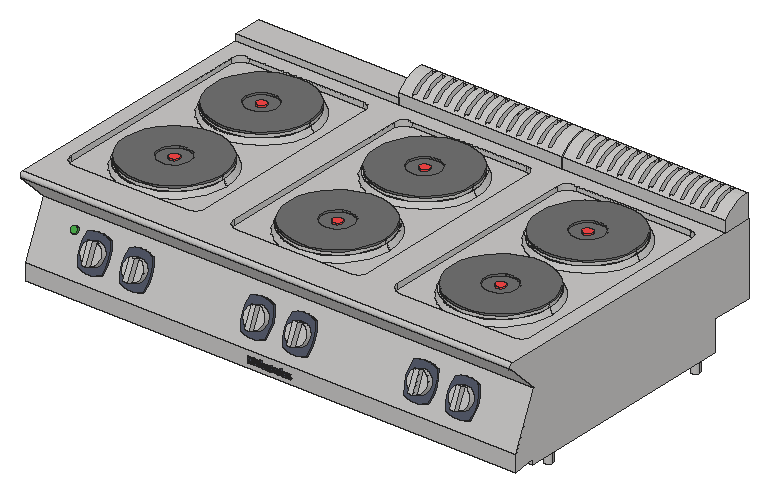
Revit family "QF_ELECTROLUXPROFESSIONAL_371019_E7ECEL6R00", category Specialty Equipment, Revit 2018
Family settings
  Round Connector Dimension = Use Diameter
  Part Type = Normal
  Work Plane-Based = No
  Always vertical = Yes
  Cut with Voids When Loaded = No
  Shared = No
  Room Calculation Point = No
Parameters
  Width = 1200.2 mm  # constant formula
  Weight in Pounds = 132  # constant formula
  Watts = 15600 VA  # 15600 W
  Volts = 400 V  # constant formula
  URL Cutsheet = "www.electrolux.com/foodservice"
  URL = "www.electrolux.com/foodservice"
  Type Mark [instance] = ""
  Status [instance] = ""
  Specification by User [instance] = ""
  Specification by Manufacturer = ""
  Show Logo [instance] = yes
  Show Clearance [instance] = yes
  Serial Number = ""
  Seismic Rating = ""
  SMACNA No = ""
  Revision Code [instance] = ""
  Phase = 3  # constant formula
  Omniclass Number and Title = ""
  Number of Poles [instance] = 1
  NAFEM Spec ID Number = ""
  Model = "371019"
  Min Ckt Ampacity = 0 A
  Max Overcurrent Protection = 0 A
  Masterspec = ""
  Manufacturer = "ELECTROLUX"
  Item Number [instance] = ""
  Installed By [instance] = ""
  Identify Quantity as Lot [instance] = yes
  Height = 331.8 mm  # constant formula
  HP = "20.9 HP"
  Furnished By [instance] = ""
  Foodservice Equipment Identifier [instance] = yes
  FL Amps = if(Phase = 3, Watts / (Volts * 1.73), Watts / Volts)  # 22.5434 A
  Electrical Remarks [instance] = "400 V/3N ph/50/60 Hz"  # constant formula
  Electric Connection Type [instance] = ""
  Elec Conn RI Height [instance] = 0 mm
  Elec Conn Connection Height [instance] = 0 mm
  Direct Waste Size = 0"
  Description = "700XP 6 Hot Plate Electric Boiling Top 2.6KW"
  Depth = 730.25 mm  # constant formula
  Cycle [instance] = if([60 Hertz Option], 60 Hz, 50 Hz)  # 60 Hz
  Conn Plug = ""
  Conn Conduit = yes
  CSI MasterFormat = ""
  CSI Master Format = ""
  Base Height [instance] = 23.813 mm  # constant formula
  Assembly Code = ""
  Apparent Power = if(Phase = 3, Volts * FL Amps * 1.73, Volts * FL Amps)  # 15600 VA
  60 Hertz Option [instance] = not([50 Hertz Option])  # yes
  50 Hertz Option [instance] = no
Reference planes
  plane 1 "BACK": y = 0
  plane 2: z = 0
  plane 3 "LEFT": x = 0
  plane 4 "RIGHT": x = 1200.2
  plane 5 "FRONT": y = -730.25
  plane 6 "TOP": z = 288.925
  plane 7 "Center Y": x = 600.1
  plane 8 "Center X": y = -365.125
  plane 9 "BASE": z = 23.813
  plane 10 "TOP A": z = 274.638
  plane 11: y = -597.884
  plane 12: y = -147.637
  plane 13: z = 331.8
Forms (mm)
  Extrusion 1, solid, material "QF_Finishes_Stainless Steel"
    sketch origin (0, 0, 0) x (0, 1, 0) y (0, 0, 1)
      loop
        line (0, 274.638) -> (-722.844, 274.638)
        arc (-722.844, 274.638) -> (-729.641, 270.096) -> (-728.047, 262.077) r 7.358
        line (-728.047, 262.077) -> (-657.416, 191.447) -> (-713.772, 69.003) -> (-713.772, 30.903) -> (-660.4, 36.513) -> (-660.4, 23.812) -> (-101.6, 23.812) -> (-101.6, 98.425) -> (0, 98.425) -> (0, 274.638)
    from 0 to 1200.2
  Extrusion 2, solid, material "QF_Finishes_Stainless Steel"
    sketch origin (0, 0, 0) x (1, 0, 0) y (0, 1, 0)
      loop
        circle (11.112, -147.638) r 9.525
      loop
        circle (11.112, -597.884) r 9.525
      loop
        circle (1189.087, -147.638) r 9.525
      loop
        circle (1189.087, -597.884) r 9.525
    from 0 to 23.813
  Extrusion 3, solid, material "QF_Finishes_Stainless Steel"
    sketch origin (0, -101.6, 101.6) x (0, 0, -1) y (-1, 0, 0)
      loop
        circle (41.275, -1147.813) r 12.7
    from 0 to 3.175
  Extrusion 4, solid, material "QF_Finishes_Clearance", visible <- "Show Clearance", detail levels coarse
    sketch origin (0, 0, 0) x (1, 0, 0) y (0, 1, 0)
      loop
        line (0, -730.25) -> (0, 0) -> (1200.2, 0) -> (1200.2, -730.25) -> (1350.219, -730.25) -> (1350.219, 150.019) -> (-150.019, 150.019) -> (-150.019, -730.25) -> (0, -730.25)
    from 0 to 331.788
  Extrusion 5, solid, material "QF_Finishes_Navy Blue"
    sketch origin (-390.52, -713.772, 69.003) x (0, 0.418102, 0.9084) y (-1, 0, 0)
      loop
        arc (102.623, -510.47) -> (67.041, -502.846) -> (31.333, -509.853) r 90.5
        arc (31.333, -509.853) -> (24.507, -539.04) -> (31.333, -568.228) r 65.817
        arc (31.333, -568.228) -> (67.04, -575.188) -> (102.623, -567.615) r 91.066
        arc (102.623, -567.615) -> (109.179, -539.043) -> (102.623, -510.47) r 65.546
    from 0 to 3.175
  Extrusion 6, solid, material "QF_Finishes_Stainless Steel"
    sketch origin (-11.77, -717.485, 68.529) x (0, 0.418102, 0.9084) y (-1, 0, 0)
      loop
        circle (68.826, -160.963) r 25.4
    from 0 to 12.7
  Extrusion 7, solid, material "QF_Finishes_Stainless Steel"
    sketch origin (-11.77, -729.022, 73.839) x (0, 0.418102, 0.9084) y (-1, 0, 0)
      loop
        arc (93.558, -166.749) -> (94.226, -160.963) -> (93.558, -155.177) r 25.4
        line (93.558, -155.177) -> (44.094, -155.177)
        arc (44.094, -155.177) -> (43.426, -160.963) -> (44.094, -166.749) r 25.4
        line (44.094, -166.749) -> (93.558, -166.749)
    from 0 to 12.7
  Extrusion 8, solid, material "QF_Finishes_Stainless Steel"
    sketch origin (400.1, 0, 0) x (0, 1, 0) y (0, 0, 1)
      loop
        line (0, 274.638) -> (0, 331.738)
        arc (0, 331.738) -> (-38.857, 324.552) -> (-69.85, 300.038) r 82.056
        line (-69.85, 300.038) -> (-69.85, 274.638) -> (0, 274.638)
    from 0 to 400.05
  Extrusion 9, void
    sketch origin (400.1, 0, 274.638) x (0, -1, 0) y (1, 0, 0)
      loop
        line (6.761, 29.703) -> (63.911, 29.703) -> (63.911, 38.999) -> (6.761, 38.999) -> (6.761, 29.703)
      loop
        line (63.911, 64.487) -> (6.761, 64.487) -> (6.761, 55.191) -> (63.911, 55.191) -> (63.911, 64.487)
      loop
        line (63.911, 89.975) -> (6.761, 89.975) -> (6.761, 80.68) -> (63.911, 80.68) -> (63.911, 89.975)
      loop
        line (63.911, 115.464) -> (6.761, 115.464) -> (6.761, 106.168) -> (63.911, 106.168) -> (63.911, 115.464)
      loop
        line (63.911, 140.952) -> (6.761, 140.952) -> (6.761, 131.656) -> (63.911, 131.656) -> (63.911, 140.952)
      loop
        line (63.911, 166.44) -> (6.761, 166.44) -> (6.761, 157.145) -> (63.911, 157.145) -> (63.911, 166.44)
      loop
        line (63.911, 191.929) -> (6.761, 191.929) -> (6.761, 182.633) -> (63.911, 182.633) -> (63.911, 191.929)
      loop
        line (63.911, 217.417) -> (6.761, 217.417) -> (6.761, 208.121) -> (63.911, 208.121) -> (63.911, 217.417)
      loop
        line (63.911, 242.905) -> (6.761, 242.905) -> (6.761, 233.61) -> (63.911, 233.61) -> (63.911, 242.905)
      loop
        line (63.911, 268.394) -> (6.761, 268.394) -> (6.761, 259.098) -> (63.911, 259.098) -> (63.911, 268.394)
      loop
        line (63.911, 293.882) -> (6.761, 293.882) -> (6.761, 284.586) -> (63.911, 284.586) -> (63.911, 293.882)
      loop
        line (63.911, 319.37) -> (6.761, 319.37) -> (6.761, 310.075) -> (63.911, 310.075) -> (63.911, 319.37)
      loop
        line (63.911, 344.859) -> (6.761, 344.859) -> (6.761, 335.563) -> (63.911, 335.563) -> (63.911, 344.859)
      loop
        line (63.911, 370.347) -> (6.761, 370.347) -> (6.761, 361.051) -> (63.911, 361.051) -> (63.911, 370.347)
    from 25.4 to 63.5
  Extrusion 10, solid, material "QF_Finishes_Stainless Steel"
    sketch origin (800.15, 0, 0) x (0, 1, 0) y (0, 0, 1)
      loop
        line (0, 274.638) -> (0, 331.738)
        arc (0, 331.738) -> (-38.857, 324.552) -> (-69.85, 300.038) r 82.056
        line (-69.85, 300.038) -> (-69.85, 274.638) -> (0, 274.638)
    from 0 to 400.05
  Extrusion 11, void
    sketch origin (0, 0, 274.638) x (1, 0, 0) y (0, -1, 0)
      loop
        line (60.425, 104.885) -> (339.625, 104.885)
        arc (339.625, 104.885) -> (357.586, 112.324) -> (365.025, 130.285) r 25.4
        line (365.025, 130.285) -> (365.025, 619.485)
        arc (365.025, 619.485) -> (357.586, 637.445) -> (339.625, 644.885) r 25.4
        line (339.625, 644.885) -> (60.425, 644.885)
        arc (60.425, 644.885) -> (42.464, 637.445) -> (35.025, 619.485) r 25.4
        line (35.025, 619.485) -> (35.025, 130.285)
        arc (35.025, 130.285) -> (42.464, 112.324) -> (60.425, 104.885) r 25.4
      loop
        arc (739.725, 104.885) -> (757.686, 112.324) -> (765.125, 130.285) r 25.4
        line (765.125, 130.285) -> (765.125, 619.485)
        arc (765.125, 619.485) -> (757.686, 637.445) -> (739.725, 644.885) r 25.4
        line (739.725, 644.885) -> (460.475, 644.885)
        arc (460.475, 644.885) -> (442.514, 637.445) -> (435.075, 619.485) r 25.4
        line (435.075, 619.485) -> (435.075, 130.285)
        arc (435.075, 130.285) -> (442.514, 112.324) -> (460.475, 104.885) r 25.4
        line (460.475, 104.885) -> (739.725, 104.885)
      loop
        arc (1139.775, 104.885) -> (1157.736, 112.324) -> (1165.175, 130.285) r 25.4
        line (1165.175, 130.285) -> (1165.175, 619.485)
        arc (1165.175, 619.485) -> (1157.736, 637.445) -> (1139.775, 644.885) r 25.4
        line (1139.775, 644.885) -> (860.575, 644.885)
        arc (860.575, 644.885) -> (842.614, 637.445) -> (835.175, 619.485) r 25.4
        line (835.175, 619.485) -> (835.175, 130.285)
        arc (835.175, 130.285) -> (842.614, 112.324) -> (860.575, 104.885) r 25.4
        line (860.575, 104.885) -> (1139.775, 104.885)
    from 0 to 12.7
  Extrusion 12, solid, material "QF_Finishes_Stainless Steel"
    sketch origin (90.73, -717.485, 68.529) x (0, 0.418102, 0.9084) y (-1, 0, 0)
      loop
        circle (68.826, -160.963) r 25.4
    from 0 to 12.7
  Extrusion 13, solid, material "QF_Finishes_Stainless Steel"
    sketch origin (90.73, -729.022, 73.839) x (0, 0.418102, 0.9084) y (-1, 0, 0)
      loop
        arc (93.558, -166.749) -> (94.226, -160.963) -> (93.558, -155.177) r 25.4
        line (93.558, -155.177) -> (44.094, -155.177)
        arc (44.094, -155.177) -> (43.426, -160.963) -> (44.094, -166.749) r 25.4
        line (44.094, -166.749) -> (93.558, -166.749)
    from 0 to 12.7
  Extrusion 14, solid, material "QF_Finishes_Green"
    sketch origin (1.25, -711.681, 73.545) x (0, 0.418102, 0.9084) y (-1, 0, 0)
      loop
        circle (91.02, -88.134) r 8
    from 0 to 3.2
  Extrusion 15, void
    sketch origin (800.15, 0, 274.638) x (0, -1, 0) y (1, 0, 0)
      loop
        line (6.761, 29.703) -> (63.911, 29.703) -> (63.911, 38.999) -> (6.761, 38.999) -> (6.761, 29.703)
      loop
        line (63.911, 64.487) -> (6.761, 64.487) -> (6.761, 55.191) -> (63.911, 55.191) -> (63.911, 64.487)
      loop
        line (63.911, 89.975) -> (6.761, 89.975) -> (6.761, 80.68) -> (63.911, 80.68) -> (63.911, 89.975)
      loop
        line (63.911, 115.464) -> (6.761, 115.464) -> (6.761, 106.168) -> (63.911, 106.168) -> (63.911, 115.464)
      loop
        line (63.911, 140.952) -> (6.761, 140.952) -> (6.761, 131.656) -> (63.911, 131.656) -> (63.911, 140.952)
      loop
        line (63.911, 166.44) -> (6.761, 166.44) -> (6.761, 157.145) -> (63.911, 157.145) -> (63.911, 166.44)
      loop
        line (63.911, 191.929) -> (6.761, 191.929) -> (6.761, 182.633) -> (63.911, 182.633) -> (63.911, 191.929)
      loop
        line (63.911, 217.417) -> (6.761, 217.417) -> (6.761, 208.121) -> (63.911, 208.121) -> (63.911, 217.417)
      loop
        line (63.911, 242.905) -> (6.761, 242.905) -> (6.761, 233.61) -> (63.911, 233.61) -> (63.911, 242.905)
      loop
        line (63.911, 268.394) -> (6.761, 268.394) -> (6.761, 259.098) -> (63.911, 259.098) -> (63.911, 268.394)
      loop
        line (63.911, 293.882) -> (6.761, 293.882) -> (6.761, 284.586) -> (63.911, 284.586) -> (63.911, 293.882)
      loop
        line (63.911, 319.37) -> (6.761, 319.37) -> (6.761, 310.075) -> (63.911, 310.075) -> (63.911, 319.37)
      loop
        line (63.911, 344.859) -> (6.761, 344.859) -> (6.761, 335.563) -> (63.911, 335.563) -> (63.911, 344.859)
      loop
        line (63.911, 370.347) -> (6.761, 370.347) -> (6.761, 361.051) -> (63.911, 361.051) -> (63.911, 370.347)
    from 25.4 to 63.5
  Extrusion 16, solid, material "QF_Finishes_Navy Blue"
    sketch origin (-288.02, -713.772, 69.003) x (0, 0.418102, 0.9084) y (-1, 0, 0)
      loop
        arc (102.623, -510.47) -> (67.041, -502.846) -> (31.333, -509.853) r 90.5
        arc (31.333, -509.853) -> (24.507, -539.04) -> (31.333, -568.228) r 65.817
        arc (31.333, -568.228) -> (67.04, -575.188) -> (102.623, -567.615) r 91.066
        arc (102.623, -567.615) -> (109.179, -539.043) -> (102.623, -510.47) r 65.546
    from 0 to 3.175
  Extrusion 17, solid, material "QF_Finishes_Navy Blue"
    sketch origin (9.53, -713.772, 69.003) x (0, 0.418102, 0.9084) y (-1, 0, 0)
      loop
        arc (102.623, -510.47) -> (67.041, -502.846) -> (31.333, -509.853) r 90.5
        arc (31.333, -509.853) -> (24.507, -539.04) -> (31.333, -568.228) r 65.817
        arc (31.333, -568.228) -> (67.04, -575.188) -> (102.623, -567.615) r 91.066
        arc (102.623, -567.615) -> (109.179, -539.043) -> (102.623, -510.47) r 65.546
    from 0 to 3.175
  Extrusion 18, solid, material "QF_Finishes_Stainless Steel"
    sketch origin (388.28, -717.485, 68.529) x (0, 0.418102, 0.9084) y (-1, 0, 0)
      loop
        circle (68.826, -160.963) r 25.4
    from 0 to 12.7
  Extrusion 19, solid, material "QF_Finishes_Stainless Steel"
    sketch origin (388.28, -729.022, 73.839) x (0, 0.418102, 0.9084) y (-1, 0, 0)
      loop
        arc (93.558, -166.749) -> (94.226, -160.963) -> (93.558, -155.177) r 25.4
        line (93.558, -155.177) -> (44.094, -155.177)
        arc (44.094, -155.177) -> (43.426, -160.963) -> (44.094, -166.749) r 25.4
        line (44.094, -166.749) -> (93.558, -166.749)
    from 0 to 12.7
  Extrusion 20, solid, material "QF_Finishes_Stainless Steel"
    sketch origin (490.78, -717.485, 68.529) x (0, 0.418102, 0.9084) y (-1, 0, 0)
      loop
        circle (68.826, -160.963) r 25.4
    from 0 to 12.7
  Extrusion 21, solid, material "QF_Finishes_Stainless Steel"
    sketch origin (490.78, -729.022, 73.839) x (0, 0.418102, 0.9084) y (-1, 0, 0)
      loop
        arc (93.558, -166.749) -> (94.226, -160.963) -> (93.558, -155.177) r 25.4
        line (93.558, -155.177) -> (44.094, -155.177)
        arc (44.094, -155.177) -> (43.426, -160.963) -> (44.094, -166.749) r 25.4
        line (44.094, -166.749) -> (93.558, -166.749)
    from 0 to 12.7
  Extrusion 22, solid, material "QF_Finishes_Navy Blue"
    sketch origin (112.03, -713.772, 69.003) x (0, 0.418102, 0.9084) y (-1, 0, 0)
      loop
        arc (102.623, -510.47) -> (67.041, -502.846) -> (31.333, -509.853) r 90.5
        arc (31.333, -509.853) -> (24.507, -539.04) -> (31.333, -568.228) r 65.817
        arc (31.333, -568.228) -> (67.04, -575.188) -> (102.623, -567.615) r 91.066
        arc (102.623, -567.615) -> (109.179, -539.043) -> (102.623, -510.47) r 65.546
    from 0 to 3.175
  Extrusion 23, solid, material "QF_Finishes_Navy Blue"
    sketch origin (409.63, -713.772, 69.003) x (0, 0.418102, 0.9084) y (-1, 0, 0)
      loop
        arc (102.623, -510.47) -> (67.041, -502.846) -> (31.333, -509.853) r 90.5
        arc (31.333, -509.853) -> (24.507, -539.04) -> (31.333, -568.228) r 65.817
        arc (31.333, -568.228) -> (67.04, -575.188) -> (102.623, -567.615) r 91.066
        arc (102.623, -567.615) -> (109.179, -539.043) -> (102.623, -510.47) r 65.546
    from 0 to 3.175
  Extrusion 24, solid, material "QF_Finishes_Stainless Steel"
    sketch origin (788.38, -717.485, 68.529) x (0, 0.418102, 0.9084) y (-1, 0, 0)
      loop
        circle (68.826, -160.963) r 25.4
    from 0 to 12.7
  Extrusion 25, solid, material "QF_Finishes_Stainless Steel"
    sketch origin (788.38, -729.022, 73.839) x (0, 0.418102, 0.9084) y (-1, 0, 0)
      loop
        arc (93.558, -166.749) -> (94.226, -160.963) -> (93.558, -155.177) r 25.4
        line (93.558, -155.177) -> (44.094, -155.177)
        arc (44.094, -155.177) -> (43.426, -160.963) -> (44.094, -166.749) r 25.4
        line (44.094, -166.749) -> (93.558, -166.749)
    from 0 to 12.7
  Extrusion 26, solid, material "QF_Finishes_Stainless Steel"
    sketch origin (890.88, -717.485, 68.529) x (0, 0.418102, 0.9084) y (-1, 0, 0)
      loop
        circle (68.826, -160.963) r 25.4
    from 0 to 12.7
  Extrusion 27, solid, material "QF_Finishes_Stainless Steel"
    sketch origin (890.88, -729.022, 73.839) x (0, 0.418102, 0.9084) y (-1, 0, 0)
      loop
        arc (93.558, -166.749) -> (94.226, -160.963) -> (93.558, -155.177) r 25.4
        line (93.558, -155.177) -> (44.094, -155.177)
        arc (44.094, -155.177) -> (43.426, -160.963) -> (44.094, -166.749) r 25.4
        line (44.094, -166.749) -> (93.558, -166.749)
    from 0 to 12.7
  Extrusion 28, solid, material "QF_Finishes_Navy Blue"
    sketch origin (512.13, -713.772, 69.003) x (0, 0.418102, 0.9084) y (-1, 0, 0)
      loop
        arc (102.623, -510.47) -> (67.041, -502.846) -> (31.333, -509.853) r 90.5
        arc (31.333, -509.853) -> (24.507, -539.04) -> (31.333, -568.228) r 65.817
        arc (31.333, -568.228) -> (67.04, -575.188) -> (102.623, -567.615) r 91.066
        arc (102.623, -567.615) -> (109.179, -539.043) -> (102.623, -510.47) r 65.546
    from 0 to 3.175
  Extrusion 29, solid, material "QF_Finishes_Navy Blue", visible <- "Show Logo"
    sketch origin (258.399, -713.772, 35.665) x (0, 0, 1) y (-1, 0, 0)
      loop
        line (20.674, -296.698) -> (8.307, -296.698)
        arc (8.307, -296.698) -> (14.491, -301.27) -> (20.674, -296.698) r 6.467
      loop
        arc (20.674, -296.069) -> (19.505, -290.926) -> (14.849, -288.448) r 6.338
        line (14.849, -288.448) -> (14.849, -290.494)
        arc (14.849, -290.494) -> (16.333, -294.149) -> (19.778, -296.069) r 5.941
        line (19.778, -296.069) -> (20.674, -296.069)
      loop
        arc (9.203, -296.069) -> (12.648, -294.149) -> (14.132, -290.494) r 5.941
        line (14.132, -290.494) -> (14.132, -288.448)
        arc (14.132, -288.448) -> (9.438, -290.922) -> (8.148, -296.069) r 6.504
        line (8.148, -296.069) -> (9.203, -296.069)
      loop
        line (21.349, -287.979) -> (7.604, -287.979) -> (7.604, -301.742) -> (21.349, -301.742) -> (21.349, -287.979)
      loop
        arc (21.432, -304.71) -> (21.085, -304.352) -> (20.718, -304.69) r 0.358
        arc (20.718, -304.69) -> (20.404, -305.44) -> (19.687, -305.825) r 1.216
        line (19.687, -305.825) -> (9.274, -305.825)
        arc (9.274, -305.825) -> (8.614, -305.548) -> (8.218, -304.951) r 1.238
        arc (8.218, -304.951) -> (7.823, -304.7) -> (7.518, -305.054) r 0.358
        line (7.518, -305.054) -> (7.518, -314.933) -> (10.269, -314.933) -> (10.269, -314.036)
        arc (10.269, -314.036) -> (9.36, -313.456) -> (8.904, -312.479) r 1.928
        line (8.904, -312.479) -> (8.904, -309.98)
        arc (8.904, -309.98) -> (9.18, -309.251) -> (9.868, -308.887) r 1.101
        line (9.868, -308.887) -> (13.955, -308.887) -> (13.955, -312.561)
        arc (13.955, -312.561) -> (13.602, -313.058) -> (13.037, -313.286) r 1.083
        arc (13.037, -313.286) -> (12.773, -313.591) -> (13.065, -313.869) r 0.292
        line (13.065, -313.869) -> (16.028, -313.869)
        arc (16.028, -313.869) -> (16.33, -313.596) -> (16.092, -313.266) r 0.305
        arc (16.092, -313.266) -> (15.601, -313.018) -> (15.296, -312.561) r 1.083
        line (15.296, -312.561) -> (15.296, -308.887) -> (19.973, -308.887) -> (19.973, -312.635)
        arc (19.973, -312.635) -> (19.759, -313.39) -> (19.153, -313.888) r 1.314
        arc (19.153, -313.888) -> (18.934, -314.292) -> (19.288, -314.585) r 0.361
        line (19.288, -314.585) -> (21.432, -314.585) -> (21.432, -304.71)
      loop
        arc (20.715, -315.365) -> (20.335, -316.284) -> (19.416, -316.664) r 1.299
        line (19.416, -316.664) -> (9.837, -316.664)
        arc (9.837, -316.664) -> (8.999, -316.286) -> (8.728, -315.408) r 1.118
        line (8.728, -315.408) -> (7.518, -315.408) -> (7.518, -320.758) -> (8.706, -320.758)
        arc (8.706, -320.758) -> (8.978, -319.841) -> (9.848, -319.445) r 1.153
        line (9.848, -319.445) -> (21.92, -319.445) -> (20.715, -315.365)
      loop
        line (12.483, -323.394) -> (12.483, -329.842) -> (13.282, -329.842)
        arc (13.282, -329.842) -> (15.862, -328.857) -> (17.131, -326.404) r 3.874
        line (17.131, -326.404) -> (17.131, -324.643)
        arc (17.131, -324.643) -> (15.944, -321.778) -> (13.08, -320.592) r 4.051
        line (13.08, -320.592) -> (11.072, -320.592)
        arc (11.072, -320.592) -> (8.253, -322.077) -> (7.202, -325.084) r 4.352
        arc (7.202, -325.084) -> (7.566, -327.547) -> (8.943, -329.621) r 5.713
        line (8.943, -329.621) -> (9.892, -329.621)
        arc (9.892, -329.621) -> (9.16, -328.052) -> (8.943, -326.334) r 5.579
        arc (8.943, -326.334) -> (9.737, -324.371) -> (11.616, -323.394) r 3.057
        line (11.616, -323.394) -> (12.483, -323.394)
      loop
        line (13.742, -323.394) -> (13.742, -326.977)
        arc (13.742, -326.977) -> (15.199, -327.024) -> (16.082, -325.864) r 1.59
        line (16.082, -325.864) -> (16.082, -325.034)
        arc (16.082, -325.034) -> (15.217, -323.779) -> (13.742, -323.394) r 2.184
      loop
        arc (16.533, -339.259) -> (17.022, -337.585) -> (17.179, -335.848) r 9.023
        line (17.179, -335.848) -> (17.179, -334.486)
        arc (17.179, -334.486) -> (16.02, -331.686) -> (13.22, -330.527) r 3.959
        line (13.22, -330.527) -> (10.62, -330.527)
        arc (10.62, -330.527) -> (8.338, -331.819) -> (7.221, -334.192) r 4.331
        line (7.221, -334.192) -> (7.221, -336.327)
        arc (7.221, -336.327) -> (7.729, -337.877) -> (8.651, -339.223) r 5.772
        arc (8.651, -339.223) -> (9.412, -339.274) -> (9.499, -338.515) r 0.553
        arc (9.499, -338.515) -> (9.111, -337.781) -> (8.977, -336.962) r 2.573
        line (8.977, -336.962) -> (8.977, -335.447)
        arc (8.977, -335.447) -> (9.983, -333.806) -> (11.798, -333.163) r 2.884
        line (11.798, -333.163) -> (13.077, -333.163)
        arc (13.077, -333.163) -> (14.898, -333.723) -> (15.824, -335.388) r 2.554
        line (15.824, -335.388) -> (15.824, -336.441)
        arc (15.824, -336.441) -> (15.493, -337.369) -> (14.836, -338.104) r 2.564
        arc (14.836, -338.104) -> (14.614, -338.821) -> (15.223, -339.259) r 0.643
        line (15.223, -339.259) -> (16.533, -339.259)
      loop
        line (15.515, -339.53) -> (15.515, -341.031) -> (9.467, -341.031)
        arc (9.467, -341.031) -> (7.879, -341.688) -> (7.221, -343.276) r 2.246
        line (7.221, -343.276) -> (7.221, -344.86)
        arc (7.221, -344.86) -> (7.535, -345.725) -> (8.035, -346.496) r 4.06
        arc (8.035, -346.496) -> (8.768, -346.629) -> (9.019, -345.928) r 0.576
        arc (9.019, -345.928) -> (8.913, -345.403) -> (8.977, -344.87) r 1.69
        arc (8.977, -344.87) -> (9.519, -344.082) -> (10.425, -343.779) r 1.506
        line (10.425, -343.779) -> (15.563, -343.779) -> (15.563, -346.176) -> (16.119, -346.733) -> (16.941, -346.733) -> (16.941, -343.873) -> (20.172, -343.873) -> (15.515, -339.53)
      loop
        line (7.438, -347.63) -> (7.438, -353.017) -> (8.548, -353.017)
        arc (8.548, -353.017) -> (8.942, -352.066) -> (9.893, -351.672) r 1.345
        line (9.893, -351.672) -> (13.509, -351.672)
        arc (13.509, -351.672) -> (14.274, -352.264) -> (14.564, -353.186) r 1.615
        line (14.564, -353.186) -> (14.564, -354.742) -> (17.119, -355.427) -> (17.119, -354.044) -> (15.177, -351.485) -> (17.057, -351.485) -> (16.773, -348.779)
        arc (16.773, -348.779) -> (16.333, -348.249) -> (15.674, -348.45) r 0.621
        arc (15.674, -348.45) -> (15.274, -348.792) -> (14.78, -348.975) r 1.501
        line (14.78, -348.975) -> (9.893, -348.975)
        arc (9.893, -348.975) -> (8.942, -348.581) -> (8.548, -347.63) r 1.345
        line (8.548, -347.63) -> (7.438, -347.63)
      loop
        line (13.54, -354.964) -> (10.848, -354.964)
        arc (10.848, -354.964) -> (8.403, -356.272) -> (7.269, -358.803) r 4.288
        arc (7.269, -358.803) -> (7.205, -360.183) -> (7.269, -361.563) r 15.022
        arc (7.269, -361.563) -> (8.403, -364.094) -> (10.848, -365.401) r 4.288
        line (10.848, -365.401) -> (13.54, -365.401)
        arc (13.54, -365.401) -> (15.986, -364.094) -> (17.119, -361.563) r 4.288
        arc (17.119, -361.563) -> (17.183, -360.183) -> (17.119, -358.803) r 15.022
        arc (17.119, -358.803) -> (15.986, -356.272) -> (13.54, -354.964) r 4.288
      loop
        line (13.745, -358.078) -> (10.643, -358.078)
        arc (10.643, -358.078) -> (8.486, -360.235) -> (10.643, -362.392) r 2.157
        line (10.643, -362.392) -> (13.745, -362.392)
        arc (13.745, -362.392) -> (15.902, -360.235) -> (13.745, -358.078) r 2.157
      loop
        arc (20.726, -365.26) -> (20.355, -366.154) -> (19.461, -366.524) r 1.264
        line (19.461, -366.524) -> (9.597, -366.524)
        arc (9.597, -366.524) -> (8.727, -366.127) -> (8.455, -365.211) r 1.153
        line (8.455, -365.211) -> (7.518, -365.211) -> (7.518, -370.319) -> (8.446, -370.319)
        arc (8.446, -370.319) -> (8.805, -369.547) -> (9.597, -369.232) r 1.153
        line (9.597, -369.232) -> (21.92, -369.232) -> (20.726, -365.26)
      loop
        arc (15.846, -369.857) -> (15.647, -370.921) -> (14.678, -371.403) r 1.215
        line (14.678, -371.403) -> (9.658, -371.403)
        arc (9.658, -371.403) -> (8.043, -372.051) -> (7.322, -373.634) r 2.338
        line (7.322, -373.634) -> (7.322, -375.148)
        arc (7.322, -375.148) -> (7.497, -376.152) -> (7.999, -377.038) r 2.979
        line (7.999, -377.038) -> (7.518, -378.835) -> (7.518, -380.524) -> (16.943, -380.524) -> (16.649, -376.32) -> (15.863, -376.32)
        arc (15.863, -376.32) -> (15.507, -377.156) -> (14.755, -377.665) r 1.605
        line (14.755, -377.665) -> (9.652, -377.665)
        arc (9.652, -377.665) -> (9.232, -376.728) -> (9.159, -375.704) r 2.94
        arc (9.159, -375.704) -> (9.72, -374.603) -> (10.873, -374.16) r 1.724
        line (10.873, -374.16) -> (17.07, -374.16) -> (15.846, -369.857)
      loop
        line (16.874, -381.377) -> (15.202, -383.423) -> (12.028, -385.729) -> (8.572, -382.617)
        arc (8.572, -382.617) -> (8.335, -382.223) -> (8.357, -381.764) r 0.789
        line (8.357, -381.764) -> (7.518, -381.764) -> (7.518, -385.309) -> (8.344, -385.309)
        arc (8.344, -385.309) -> (8.686, -384.947) -> (9.176, -385.039) r 0.52
        line (9.176, -385.039) -> (10.976, -386.51) -> (8.858, -387.886)
        arc (8.858, -387.886) -> (8.457, -387.576) -> (8.37, -387.076) r 0.7
        line (8.37, -387.076) -> (7.518, -387.076) -> (7.518, -393.003) -> (8.405, -393.003)
        arc (8.405, -393.003) -> (8.472, -392.344) -> (8.866, -391.813) r 1.247
        line (8.866, -391.813) -> (13.066, -388.532) -> (15.513, -390.585) -> (16.874, -392.327) -> (16.874, -388.604) -> (15.389, -389.026) -> (13.868, -387.749) -> (15.568, -386.559) -> (16.874, -387.336) -> (16.874, -381.377)
    from 0 to 1.644
  Extrusion 30, solid, material "QF_Finishes_Stainless Steel"
    sketch origin (0, 0, 274.638) x (0, -1, 0) y (1, 0, 0)
      loop
        line (69.85, 400.1) -> (0, 400.1) -> (0, 0) -> (69.85, 0) -> (69.85, 400.1)
    from 0 to 14.3
Cuts and joins
  Extrusion 9, Extrusion 15 cuts Extrusion 8
  Extrusion 11 cuts Extrusion 1
  Extrusion 15 cuts Extrusion 4
  Extrusion 15 cuts Extrusion 10
Lines and regions (mm)
  symbolic lines, style "QF-Clearances", visible <- "Show Clearance", detail levels coarse
    curve 1: line (-150.019, 150.019, 274.638) -> (-150.019, -730.25, 274.638)
    curve 2: line (1350.219, 150.019, 274.638) -> (-150.019, 150.019, 274.638)
    curve 3: line (1350.219, -730.25, 274.638) -> (1350.219, 150.019, 274.638)
  symbolic lines
    curve 4: line (0, 0, 274.638) -> (1200.2, 0, 274.638)
    curve 5: line (0, -730.25, 274.638) -> (0, 0, 274.638)
    curve 6: line (1200.2, 0, 274.638) -> (1200.2, -730.25, 274.638)
    curve 7: line (0, -69.85, 274.638) -> (1200.2, -69.85, 274.638)
    curve 8: line (1200.2, -730.25, 274.638) -> (0, -730.25, 274.638)
    curve 9: line (365.025, -130.285, 0) -> (365.025, -619.485, 0)
    curve 10: arc (365.025, -619.485, 0) -> (357.586, -637.445, 0) -> (339.625, -644.885, 0) r 25.4
    curve 11: line (339.625, -644.885, 0) -> (60.425, -644.885, 0)
    curve 12: arc (60.425, -644.885, 0) -> (42.464, -637.445, 0) -> (35.025, -619.485, 0) r 25.4
    curve 13: line (35.025, -619.485, 0) -> (35.025, -130.285, 0)
    curve 14: arc (35.025, -130.285, 0) -> (42.464, -112.324, 0) -> (60.425, -104.885, 0) r 25.4
    curve 15: line (60.425, -104.885, 0) -> (339.625, -104.885, 0)
    curve 16: arc (339.625, -104.885, 0) -> (357.586, -112.324, 0) -> (365.025, -130.285, 0) r 25.4
    curve 17: line (429.803, -6.761, 0) -> (439.099, -6.761, 0)
    curve 18: line (429.803, -63.911, 0) -> (429.803, -6.761, 0)
    curve 19: line (439.099, -63.911, 0) -> (429.803, -63.911, 0)
    curve 20: line (439.099, -6.761, 0) -> (439.099, -63.911, 0)
    curve 21: line (455.291, -6.761, 0) -> (464.587, -6.761, 0)
    curve 22: line (455.291, -63.911, 0) -> (455.291, -6.761, 0)
    curve 23: line (464.587, -63.911, 0) -> (455.291, -63.911, 0)
    curve 24: line (464.587, -6.761, 0) -> (464.587, -63.911, 0)
    curve 25: line (400.1, 0, 0) -> (400.1, -69.85, 0)
    curve 26: line (800.15, 0, 0) -> (800.15, -69.85, 0)
    curve 27: line (480.78, -6.761, 0) -> (490.075, -6.761, 0)
    curve 28: line (480.78, -63.911, 0) -> (480.78, -6.761, 0)
    curve 29: line (490.075, -63.911, 0) -> (480.78, -63.911, 0)
    curve 30: line (490.075, -6.761, 0) -> (490.075, -63.911, 0)
    curve 31: line (506.268, -6.761, 0) -> (515.564, -6.761, 0)
    curve 32: line (506.268, -63.911, 0) -> (506.268, -6.761, 0)
    curve 33: line (515.564, -63.911, 0) -> (506.268, -63.911, 0)
    curve 34: line (515.564, -6.761, 0) -> (515.564, -63.911, 0)
    curve 35: line (531.756, -6.761, 0) -> (541.052, -6.761, 0)
    curve 36: line (531.756, -63.911, 0) -> (531.756, -6.761, 0)
    curve 37: line (541.052, -63.911, 0) -> (531.756, -63.911, 0)
    curve 38: line (541.052, -6.761, 0) -> (541.052, -63.911, 0)
    curve 39: line (557.245, -6.761, 0) -> (566.54, -6.761, 0)
    curve 40: line (557.245, -63.911, 0) -> (557.245, -6.761, 0)
    curve 41: line (566.54, -63.911, 0) -> (557.245, -63.911, 0)
    curve 42: line (566.54, -6.761, 0) -> (566.54, -63.911, 0)
    curve 43: line (582.733, -6.761, 0) -> (592.029, -6.761, 0)
    curve 44: line (582.733, -63.911, 0) -> (582.733, -6.761, 0)
    curve 45: line (592.029, -63.911, 0) -> (582.733, -63.911, 0)
    curve 46: line (592.029, -6.761, 0) -> (592.029, -63.911, 0)
    curve 47: line (608.221, -6.761, 0) -> (617.517, -6.761, 0)
    curve 48: line (608.221, -63.911, 0) -> (608.221, -6.761, 0)
    curve 49: line (617.517, -63.911, 0) -> (608.221, -63.911, 0)
    curve 50: line (617.517, -6.761, 0) -> (617.517, -63.911, 0)
    curve 51: line (633.71, -6.761, 0) -> (643.005, -6.761, 0)
    curve 52: line (633.71, -63.911, 0) -> (633.71, -6.761, 0)
    curve 53: line (643.005, -63.911, 0) -> (633.71, -63.911, 0)
    curve 54: line (643.005, -6.761, 0) -> (643.005, -63.911, 0)
    curve 55: line (659.198, -6.761, 0) -> (668.494, -6.761, 0)
    curve 56: line (659.198, -63.911, 0) -> (659.198, -6.761, 0)
    curve 57: line (668.494, -63.911, 0) -> (659.198, -63.911, 0)
    curve 58: line (668.494, -6.761, 0) -> (668.494, -63.911, 0)
    curve 59: line (684.686, -6.761, 0) -> (693.982, -6.761, 0)
    curve 60: line (684.686, -63.911, 0) -> (684.686, -6.761, 0)
    curve 61: line (693.982, -63.911, 0) -> (684.686, -63.911, 0)
    curve 62: line (693.982, -6.761, 0) -> (693.982, -63.911, 0)
    curve 63: line (710.175, -6.761, 0) -> (719.47, -6.761, 0)
    curve 64: line (710.175, -63.911, 0) -> (710.175, -6.761, 0)
    curve 65: line (719.47, -63.911, 0) -> (710.175, -63.911, 0)
    curve 66: line (719.47, -6.761, 0) -> (719.47, -63.911, 0)
    curve 67: line (735.663, -6.761, 0) -> (744.959, -6.761, 0)
    curve 68: line (735.663, -63.911, 0) -> (735.663, -6.761, 0)
    curve 69: line (744.959, -63.911, 0) -> (735.663, -63.911, 0)
    curve 70: line (744.959, -6.761, 0) -> (744.959, -63.911, 0)
    curve 71: line (761.151, -6.761, 0) -> (770.447, -6.761, 0)
    curve 72: line (761.151, -63.911, 0) -> (761.151, -6.761, 0)
    curve 73: line (770.447, -63.911, 0) -> (761.151, -63.911, 0)
    curve 74: line (770.447, -6.761, 0) -> (770.447, -63.911, 0)
    curve 75: line (829.853, -6.761, 0) -> (839.149, -6.761, 0)
    curve 76: line (829.853, -63.911, 0) -> (829.853, -6.761, 0)
    curve 77: line (839.149, -63.911, 0) -> (829.853, -63.911, 0)
    curve 78: line (839.149, -6.761, 0) -> (839.149, -63.911, 0)
    curve 79: line (855.341, -6.761, 0) -> (864.637, -6.761, 0)
    curve 80: line (855.341, -63.911, 0) -> (855.341, -6.761, 0)
    curve 81: line (864.637, -63.911, 0) -> (855.341, -63.911, 0)
    curve 82: line (864.637, -6.761, 0) -> (864.637, -63.911, 0)
    curve 83: line (880.83, -6.761, 0) -> (890.125, -6.761, 0)
    curve 84: line (880.83, -63.911, 0) -> (880.83, -6.761, 0)
    curve 85: line (890.125, -63.911, 0) -> (880.83, -63.911, 0)
    curve 86: line (890.125, -6.761, 0) -> (890.125, -63.911, 0)
    curve 87: line (906.318, -6.761, 0) -> (915.614, -6.761, 0)
    curve 88: line (906.318, -63.911, 0) -> (906.318, -6.761, 0)
    curve 89: line (915.614, -63.911, 0) -> (906.318, -63.911, 0)
    curve 90: line (915.614, -6.761, 0) -> (915.614, -63.911, 0)
    curve 91: line (931.806, -6.761, 0) -> (941.102, -6.761, 0)
    curve 92: line (931.806, -63.911, 0) -> (931.806, -6.761, 0)
    curve 93: line (941.102, -63.911, 0) -> (931.806, -63.911, 0)
    curve 94: line (941.102, -6.761, 0) -> (941.102, -63.911, 0)
    curve 95: line (957.295, -6.761, 0) -> (966.59, -6.761, 0)
    curve 96: line (957.295, -63.911, 0) -> (957.295, -6.761, 0)
    curve 97: line (966.59, -63.911, 0) -> (957.295, -63.911, 0)
    curve 98: line (966.59, -6.761, 0) -> (966.59, -63.911, 0)
    curve 99: line (982.783, -6.761, 0) -> (992.079, -6.761, 0)
    curve 100: line (982.783, -63.911, 0) -> (982.783, -6.761, 0)
    curve 101: line (992.079, -63.911, 0) -> (982.783, -63.911, 0)
    curve 102: line (992.079, -6.761, 0) -> (992.079, -63.911, 0)
    curve 103: line (1008.271, -6.761, 0) -> (1017.567, -6.761, 0)
    curve 104: line (1008.271, -63.911, 0) -> (1008.271, -6.761, 0)
    curve 105: line (1017.567, -63.911, 0) -> (1008.271, -63.911, 0)
    curve 106: line (1017.567, -6.761, 0) -> (1017.567, -63.911, 0)
    curve 107: line (1033.76, -6.761, 0) -> (1043.055, -6.761, 0)
    curve 108: line (1033.76, -63.911, 0) -> (1033.76, -6.761, 0)
    curve 109: line (1043.055, -63.911, 0) -> (1033.76, -63.911, 0)
    curve 110: line (1043.055, -6.761, 0) -> (1043.055, -63.911, 0)
    curve 111: line (1059.248, -6.761, 0) -> (1068.544, -6.761, 0)
    curve 112: line (1059.248, -63.911, 0) -> (1059.248, -6.761, 0)
    curve 113: line (1068.544, -63.911, 0) -> (1059.248, -63.911, 0)
    curve 114: line (1068.544, -6.761, 0) -> (1068.544, -63.911, 0)
    curve 115: line (1084.736, -6.761, 0) -> (1094.032, -6.761, 0)
    curve 116: line (1084.736, -63.911, 0) -> (1084.736, -6.761, 0)
    curve 117: line (1094.032, -63.911, 0) -> (1084.736, -63.911, 0)
    curve 118: line (1094.032, -6.761, 0) -> (1094.032, -63.911, 0)
    curve 119: line (1110.225, -6.761, 0) -> (1119.52, -6.761, 0)
    curve 120: line (1110.225, -63.911, 0) -> (1110.225, -6.761, 0)
    curve 121: line (1119.52, -63.911, 0) -> (1110.225, -63.911, 0)
    curve 122: line (1119.52, -6.761, 0) -> (1119.52, -63.911, 0)
    curve 123: line (1135.713, -6.761, 0) -> (1145.009, -6.761, 0)
    curve 124: line (1135.713, -63.911, 0) -> (1135.713, -6.761, 0)
    curve 125: line (1145.009, -63.911, 0) -> (1135.713, -63.911, 0)
    curve 126: line (1145.009, -6.761, 0) -> (1145.009, -63.911, 0)
    curve 127: line (1161.201, -6.761, 0) -> (1170.497, -6.761, 0)
    curve 128: line (1161.201, -63.911, 0) -> (1161.201, -6.761, 0)
    curve 129: line (1170.497, -63.911, 0) -> (1161.201, -63.911, 0)
    curve 130: line (1170.497, -6.761, 0) -> (1170.497, -63.911, 0)
    curve 131: line (765.1, -130.285, 0) -> (765.1, -619.485, 0)
    curve 132: arc (765.1, -619.485, 0) -> (757.661, -637.445, 0) -> (739.7, -644.885, 0) r 25.4
    curve 133: line (739.7, -644.885, 0) -> (460.5, -644.885, 0)
    curve 134: arc (460.5, -644.885, 0) -> (442.539, -637.445, 0) -> (435.1, -619.485, 0) r 25.4
    curve 135: line (435.1, -619.485, 0) -> (435.1, -130.285, 0)
    curve 136: arc (435.1, -130.285, 0) -> (442.539, -112.324, 0) -> (460.5, -104.885, 0) r 25.4
    curve 137: line (460.5, -104.885, 0) -> (739.7, -104.885, 0)
    curve 138: arc (739.7, -104.885, 0) -> (757.661, -112.324, 0) -> (765.1, -130.285, 0) r 25.4
    curve 139: line (1165.175, -130.285, 0) -> (1165.175, -619.485, 0)
    curve 140: arc (1165.175, -619.485, 0) -> (1157.736, -637.445, 0) -> (1139.775, -644.885, 0) r 25.4
    curve 141: line (1139.775, -644.885, 0) -> (860.575, -644.885, 0)
    curve 142: arc (860.575, -644.885, 0) -> (842.614, -637.445, 0) -> (835.175, -619.485, 0) r 25.4
    curve 143: line (835.175, -619.485, 0) -> (835.175, -130.285, 0)
    curve 144: arc (835.175, -130.285, 0) -> (842.614, -112.324, 0) -> (860.575, -104.885, 0) r 25.4
    curve 145: line (860.575, -104.885, 0) -> (1139.775, -104.885, 0)
    curve 146: arc (1139.775, -104.885, 0) -> (1157.736, -112.324, 0) -> (1165.175, -130.285, 0) r 25.4
Dimensions and locks
  equal spacing: plane 3 "LEFT", plane 7 "Center Y", plane 4 "RIGHT"
  "Width": plane 3 "LEFT" to plane 4 "RIGHT"
  equal spacing: plane 5 "FRONT", plane 8 "Center X", plane 1 "BACK"
  "Depth": plane 5 "FRONT" to plane 1 "BACK"
  plane 1 "BACK" to plane 5 "FRONT" = 730.25 mm
  "Base Height": plane 9 "BASE" to level
  locked: plane 10 "TOP A" to plane 9 "BASE" at 250.825
  plane 4 "RIGHT" to Extrusion 3 sketch curve = 52.388 mm
  plane 10 "TOP A" to plane 9 "BASE" = 250.825 mm
  plane 9 "BASE" to level = 23.813 mm
  "Height": plane 13 to level
  Extrusion 3 sketch curve to plane 9 "BASE" = 36.513 mm
  aligned and locked: level to plane 2
  aligned and locked: plane 4 "RIGHT" to Extrusion 1
  aligned and locked: Extrusion 2 to plane 9 "BASE"
  aligned: plane 6 "TOP" to Extrusion 4
Automatic sketch dimensions
  plane 1 "BACK" to curve 25 = 0 mm
  plane 1 "BACK" to curve 26 = 0 mm
  plane 3 "LEFT" to curve 13 = 35.025 mm
  curve 14 to plane 12 = 17.353 mm
  curve 13 to curve 14 = 25.4 mm
  curve 12 to curve 11 = 25.4 mm
  plane 11 to curve 11 = 47 mm
  curve 11 to plane 7 "Center Y" = 260.475 mm
  curve 16 to plane 12 = 17.353 mm
  curve 16 to plane 7 "Center Y" = 260.475 mm
  curve 16 to curve 25 = 60.475 mm
  plane 1 "BACK" to curve 18 = 6.761 mm
  curve 25 to curve 18 = 29.703 mm
  plane 11 to curve 135 = 21.6 mm
  curve 9 to curve 135 = 70.075 mm
  curve 18 to curve 20 = 9.296 mm
  plane 1 "BACK" to curve 21 = 6.761 mm
  curve 17 to curve 21 = 16.193 mm
  curve 135 to curve 134 = 25.4 mm
  curve 135 to curve 136 = 25.4 mm
  curve 22 to curve 23 = 9.296 mm
  plane 1 "BACK" to curve 28 = 6.761 mm
  curve 21 to curve 28 = 16.193 mm
  curve 28 to curve 30 = 9.296 mm
  curve 29 to curve 32 = 16.193 mm
  curve 32 to curve 33 = 9.296 mm
  plane 1 "BACK" to curve 35 = 6.761 mm
  curve 31 to curve 35 = 16.193 mm
  curve 36 to curve 38 = 9.296 mm
  curve 37 to curve 40 = 16.193 mm
  curve 40 to curve 42 = 9.296 mm
  plane 1 "BACK" to curve 43 = 6.761 mm
  curve 39 to curve 43 = 16.193 mm
  curve 45 to plane 7 "Center Y" = 8.071 mm
  plane 7 "Center Y" to curve 48 = 8.121 mm
  curve 48 to curve 49 = 9.296 mm
  plane 1 "BACK" to curve 52 = 6.761 mm
  curve 47 to curve 52 = 16.193 mm
  curve 52 to curve 54 = 9.296 mm
  curve 53 to curve 56 = 16.193 mm
  curve 56 to curve 57 = 9.296 mm
  curve 57 to curve 61 = 16.193 mm
  curve 60 to curve 61 = 9.296 mm
  plane 1 "BACK" to curve 64 = 6.761 mm
  curve 59 to curve 64 = 16.193 mm
  curve 64 to curve 65 = 9.296 mm
  curve 65 to curve 68 = 16.193 mm
  plane 11 to curve 132 = 21.6 mm
  plane 7 "Center Y" to curve 132 = 139.6 mm
  curve 138 to curve 138 = 25.4 mm
  curve 67 to curve 67 = 9.296 mm
  plane 1 "BACK" to curve 72 = 6.761 mm
  curve 67 to curve 72 = 16.193 mm
  curve 71 to curve 74 = 9.296 mm
  curve 73 to curve 26 = 29.703 mm
  plane 1 "BACK" to curve 75 = 6.761 mm
  curve 26 to curve 75 = 29.703 mm
  plane 11 to curve 143 = 21.6 mm
  curve 131 to curve 143 = 70.075 mm
  curve 76 to curve 78 = 9.296 mm
  plane 1 "BACK" to curve 80 = 6.761 mm
  curve 75 to curve 80 = 16.193 mm
  curve 143 to curve 145 = 25.4 mm
  curve 142 to curve 141 = 25.4 mm
  curve 80 to curve 82 = 9.296 mm
  plane 1 "BACK" to curve 84 = 6.761 mm
  curve 79 to curve 84 = 16.193 mm
  curve 84 to curve 85 = 9.296 mm
  plane 1 "BACK" to curve 88 = 6.761 mm
  curve 83 to curve 88 = 16.193 mm
  curve 87 to curve 90 = 9.296 mm
  curve 89 to curve 93 = 16.193 mm
  curve 91 to curve 91 = 9.296 mm
  curve 93 to curve 97 = 16.193 mm
  curve 96 to curve 98 = 9.296 mm
  plane 1 "BACK" to curve 100 = 6.761 mm
  curve 95 to curve 100 = 16.193 mm
  curve 100 to curve 102 = 9.296 mm
  plane 1 "BACK" to curve 103 = 6.761 mm
  curve 99 to curve 103 = 16.193 mm
  curve 103 to curve 106 = 9.296 mm
  curve 105 to curve 108 = 16.193 mm
  curve 107 to curve 107 = 9.296 mm
  plane 1 "BACK" to curve 111 = 6.761 mm
  curve 107 to curve 111 = 16.193 mm
  curve 112 to curve 113 = 9.296 mm
  plane 1 "BACK" to curve 116 = 6.761 mm
  curve 111 to curve 116 = 16.193 mm
  curve 116 to curve 117 = 9.296 mm
  curve 117 to curve 121 = 16.193 mm
  curve 120 to curve 121 = 9.296 mm
  curve 121 to curve 125 = 16.193 mm
  curve 146 to plane 12 = 17.353 mm
  curve 146 to plane 4 "RIGHT" = 60.425 mm
  curve 141 to plane 4 "RIGHT" = 60.425 mm
  curve 123 to curve 123 = 9.296 mm
  plane 1 "BACK" to curve 128 = 6.761 mm
  curve 123 to curve 128 = 16.193 mm
  curve 146 to curve 139 = 25.4 mm
  curve 128 to curve 129 = 9.296 mm
  curve 138 to plane 12 = 17.353 mm
  curve 26 to curve 75 = 63.089 mm
  curve 25 to curve 17 = 63.089 mm
  curve 32 to curve 27 = 57.15 mm
  curve 33 to curve 38 = 0 mm
  curve 25 to curve 18 = 5.939 mm
  curve 37 to curve 40 = 0 mm
  curve 41 to curve 44 = 0 mm
  curve 19 to curve 23 = 0 mm
  curve 45 to curve 48 = 0 mm
  curve 49 to curve 52 = 0 mm
  curve 23 to curve 28 = 0 mm
  curve 146 to curve 130 = 40.974 mm
  curve 53 to curve 56 = 0 mm
  curve 126 to curve 128 = 0 mm
  curve 57 to curve 60 = 0 mm
  curve 122 to curve 124 = 0 mm
  curve 61 to curve 64 = 0 mm
  curve 118 to curve 120 = 0 mm
  curve 65 to curve 68 = 0 mm
  curve 114 to curve 116 = 0 mm
  curve 69 to curve 72 = 0 mm
  curve 110 to curve 112 = 0 mm
  curve 26 to curve 76 = 5.939 mm
  curve 77 to curve 80 = 0 mm
  curve 106 to curve 108 = 0 mm
  curve 81 to curve 84 = 0 mm
  curve 102 to curve 104 = 0 mm
  curve 85 to curve 88 = 0 mm
  curve 98 to curve 100 = 0 mm
  curve 89 to curve 92 = 0 mm
  plane 1 "BACK" to curve 94 = 6.761 mm
  plane 1 "BACK" to curve 95 = 6.761 mm
  plane 1 "BACK" to curve 107 = 6.761 mm
  plane 1 "BACK" to curve 70 = 6.761 mm
  plane 1 "BACK" to curve 119 = 6.761 mm
  plane 1 "BACK" to curve 123 = 6.761 mm
  plane 1 "BACK" to curve 62 = 6.761 mm
  plane 1 "BACK" to curve 58 = 6.761 mm
  plane 1 "BACK" to curve 50 = 6.761 mm
  plane 1 "BACK" to curve 34 = 6.761 mm
  plane 1 "BACK" to curve 42 = 6.761 mm
  Extrusion 1 sketch curve to plane 10 "TOP A" = 0 mm
  Extrusion 1 sketch curve to plane 9 "BASE" = 0 mm
  Extrusion 1 sketch curve to plane 1 "BACK" = 0 mm
  Extrusion 1 sketch curve to plane 12 = 46.038 mm
  plane 11 to Extrusion 1 sketch curve = 59.531 mm
  plane 9 "BASE" to Extrusion 1 sketch curve = 12.7 mm
  plane 11 to Extrusion 1 sketch curve = 62.516 mm
  Extrusion 1 sketch curve to plane 5 "FRONT" = 16.478 mm
  Extrusion 1 sketch curve to plane 5 "FRONT" = 7.406 mm
  Extrusion 1 sketch curve to plane 5 "FRONT" = 2.203 mm
  plane 9 "BASE" to Extrusion 1 sketch curve = 7.09 mm
  Extrusion 1 sketch curve to Extrusion 1 sketch curve = 38.1 mm
  plane 9 "BASE" to Extrusion 1 sketch curve = 74.612 mm
  Extrusion 1 sketch curve to plane 10 "TOP A" = 83.191 mm
  Extrusion 1 sketch curve to plane 10 "TOP A" = 12.56 mm
  plane 11 to Extrusion 2 sketch curve = 0 mm  (x2)
  plane 12 to Extrusion 2 sketch curve = 0 mm  (x2)
  plane 3 "LEFT" to Extrusion 2 sketch curve = 11.112 mm  (x2)
  Extrusion 2 sketch curve to plane 4 "RIGHT" = 11.113 mm  (x2)
  plane 5 "FRONT" to Extrusion 4 sketch curve = 0 mm  (x2)
  plane 1 "BACK" to Extrusion 4 sketch curve = 0 mm
  Extrusion 4 sketch curve to plane 3 "LEFT" = 0 mm
  Extrusion 4 sketch curve to plane 4 "RIGHT" = 0 mm
  Extrusion 4 sketch curve to plane 3 "LEFT" = 150.019 mm
  plane 4 "RIGHT" to Extrusion 4 sketch curve = 150.019 mm
  Extrusion 4 sketch curve to plane 1 "BACK" = 150.019 mm
  plane 3 "LEFT" to Extrusion 5 sketch curve = 119.333 mm
  Extrusion 5 sketch curve to Extrusion 5 sketch curve = 0 mm
  Extrusion 5 sketch curve to Extrusion 5 sketch curve = 12.3 mm  (x3)
  Extrusion 5 sketch curve to Extrusion 5 sketch curve = 34.925 mm  (x2)
  Extrusion 5 sketch curve to Extrusion 5 sketch curve = 46.691 mm
  Extrusion 5 sketch curve to Extrusion 5 sketch curve = 0.617 mm
  Extrusion 5 sketch curve to Extrusion 5 sketch curve = 28.57 mm
  Extrusion 5 sketch curve to Extrusion 5 sketch curve = 29.185 mm
  Extrusion 7 sketch curve to Extrusion 7 sketch curve = 24.732 mm
  Extrusion 7 sketch curve to Extrusion 7 sketch curve = 0 mm
  Extrusion 8 sketch curve to plane 10 "TOP A" = 0 mm
  Extrusion 8 sketch curve to plane 1 "BACK" = 0 mm
  plane 1 "BACK" to Extrusion 8 sketch curve = 4.947 mm
  plane 6 "TOP" to Extrusion 8 sketch curve = 11.113 mm
  plane 1 "BACK" to Extrusion 8 sketch curve = 69.85 mm
  Extrusion 8 sketch curve to plane 10 "TOP A" = 24.807 mm
  plane 1 "BACK" to Extrusion 9 sketch curve = 6.761 mm  (x14)
  plane 7 "Center Y" to Extrusion 9 sketch curve = 17.417 mm
  Extrusion 9 sketch curve to Extrusion 9 sketch curve = 57.15 mm
  Extrusion 9 sketch curve to plane 7 "Center Y" = 8.071 mm
  Extrusion 9 sketch curve to Extrusion 9 sketch curve = 0 mm  (x13)
  Extrusion 9 sketch curve to Extrusion 9 sketch curve = 9.296 mm  (x13)
  Extrusion 9 sketch curve to Extrusion 9 sketch curve = 16.193 mm  (x12)
  plane 7 "Center Y" to Extrusion 9 sketch curve = 8.121 mm
  Extrusion 10 sketch curve to plane 10 "TOP A" = 0 mm
  Extrusion 10 sketch curve to plane 1 "BACK" = 0 mm
  plane 1 "BACK" to Extrusion 10 sketch curve = 4.947 mm
  plane 6 "TOP" to Extrusion 10 sketch curve = 11.113 mm
  plane 1 "BACK" to Extrusion 10 sketch curve = 69.85 mm
  Extrusion 10 sketch curve to plane 10 "TOP A" = 24.807 mm
  Extrusion 1 to Extrusion 11 sketch curve = 35.025 mm
  Extrusion 11 sketch curve to Extrusion 11 sketch curve = 25.4 mm  (x9)
  Extrusion 1 to Extrusion 11 sketch curve = 77.959 mm  (x3)
  Extrusion 11 sketch curve to Extrusion 11 sketch curve = 279.2 mm  (x2)
  Extrusion 11 sketch curve to Extrusion 11 sketch curve = 70.05 mm  (x2)
  Extrusion 1 to Extrusion 11 sketch curve = 104.885 mm
  Extrusion 11 sketch curve to Extrusion 11 sketch curve = 279.25 mm  (x2)
  Extrusion 1 to Extrusion 11 sketch curve = 60.425 mm  (x2)
  Extrusion 1 to Extrusion 11 sketch curve = 130.285 mm
  Extrusion 11 sketch curve to Extrusion 11 sketch curve = 0 mm
  plane 3 "LEFT" to Extrusion 12 sketch curve = 251.693 mm
  Extrusion 13 sketch curve to Extrusion 13 sketch curve = 24.732 mm
  Extrusion 13 sketch curve to Extrusion 13 sketch curve = 0 mm
  Extrusion 1 to Extrusion 14 sketch curve = 38.77 mm
  Extrusion 1 to Extrusion 14 sketch curve = 89.384 mm
  plane 1 "BACK" to Extrusion 15 sketch curve = 6.761 mm  (x14)
  Extrusion 15 sketch curve to Extrusion 15 sketch curve = 57.15 mm
  Extrusion 15 sketch curve to Extrusion 15 sketch curve = 0 mm  (x13)
  plane 7 "Center Y" to Extrusion 15 sketch curve = 229.753 mm
  Extrusion 15 sketch curve to Extrusion 15 sketch curve = 9.296 mm  (x14)
  Extrusion 15 sketch curve to Extrusion 15 sketch curve = 16.193 mm  (x13)
  plane 3 "LEFT" to Extrusion 16 sketch curve = 221.833 mm
  Extrusion 16 sketch curve to Extrusion 16 sketch curve = 0 mm
  Extrusion 16 sketch curve to Extrusion 16 sketch curve = 12.3 mm  (x3)
  Extrusion 16 sketch curve to Extrusion 16 sketch curve = 34.925 mm  (x2)
  Extrusion 16 sketch curve to Extrusion 16 sketch curve = 46.691 mm
  Extrusion 16 sketch curve to Extrusion 16 sketch curve = 0.617 mm
  Extrusion 16 sketch curve to Extrusion 16 sketch curve = 28.57 mm
  Extrusion 16 sketch curve to Extrusion 16 sketch curve = 29.185 mm
  Extrusion 17 sketch curve to plane 7 "Center Y" = 80.717 mm
  Extrusion 17 sketch curve to plane 7 "Center Y" = 22.342 mm
  Extrusion 17 sketch curve to Extrusion 17 sketch curve = 0 mm
  Extrusion 17 sketch curve to Extrusion 17 sketch curve = 12.3 mm  (x3)
  plane 7 "Center Y" to Extrusion 17 sketch curve = 2.772 mm
  Extrusion 17 sketch curve to Extrusion 17 sketch curve = 34.925 mm  (x2)
  Extrusion 17 sketch curve to Extrusion 17 sketch curve = 46.691 mm
  Extrusion 17 sketch curve to plane 7 "Center Y" = 22.955 mm
  Extrusion 19 sketch curve to Extrusion 19 sketch curve = 24.732 mm
  Extrusion 19 sketch curve to Extrusion 19 sketch curve = 0 mm
  plane 7 "Center Y" to Extrusion 20 sketch curve = 51.643 mm
  Extrusion 21 sketch curve to Extrusion 21 sketch curve = 24.732 mm
  Extrusion 21 sketch curve to Extrusion 21 sketch curve = 0 mm
  plane 7 "Center Y" to Extrusion 22 sketch curve = 21.783 mm
  Extrusion 22 sketch curve to Extrusion 22 sketch curve = 0 mm
  Extrusion 22 sketch curve to Extrusion 22 sketch curve = 12.3 mm  (x3)
  Extrusion 22 sketch curve to Extrusion 22 sketch curve = 34.925 mm  (x2)
  Extrusion 22 sketch curve to plane 7 "Center Y" = 3.944 mm
  Extrusion 22 sketch curve to Extrusion 22 sketch curve = 46.691 mm
  plane 7 "Center Y" to Extrusion 22 sketch curve = 22.4 mm
  Extrusion 22 sketch curve to Extrusion 22 sketch curve = 25.114 mm
  Extrusion 23 sketch curve to plane 4 "RIGHT" = 280.717 mm
  Extrusion 23 sketch curve to Extrusion 23 sketch curve = 0 mm
  Extrusion 23 sketch curve to Extrusion 23 sketch curve = 12.3 mm  (x3)
  Extrusion 23 sketch curve to Extrusion 23 sketch curve = 34.925 mm  (x2)
  Extrusion 23 sketch curve to Extrusion 23 sketch curve = 46.691 mm
  Extrusion 23 sketch curve to Extrusion 23 sketch curve = 0.617 mm
  Extrusion 23 sketch curve to Extrusion 23 sketch curve = 28.57 mm
  Extrusion 23 sketch curve to Extrusion 23 sketch curve = 29.185 mm
  Extrusion 25 sketch curve to Extrusion 25 sketch curve = 24.732 mm
  Extrusion 25 sketch curve to Extrusion 25 sketch curve = 0 mm
  Extrusion 26 sketch curve to plane 4 "RIGHT" = 148.357 mm
  Extrusion 27 sketch curve to Extrusion 27 sketch curve = 24.732 mm
  Extrusion 27 sketch curve to Extrusion 27 sketch curve = 0 mm
  Extrusion 28 sketch curve to plane 4 "RIGHT" = 178.217 mm
  Extrusion 28 sketch curve to Extrusion 28 sketch curve = 0 mm
  Extrusion 28 sketch curve to Extrusion 28 sketch curve = 12.3 mm  (x3)
  Extrusion 28 sketch curve to Extrusion 28 sketch curve = 34.925 mm  (x2)
  Extrusion 28 sketch curve to Extrusion 28 sketch curve = 46.691 mm
  Extrusion 28 sketch curve to Extrusion 28 sketch curve = 0.617 mm
  Extrusion 28 sketch curve to Extrusion 28 sketch curve = 28.57 mm
  Extrusion 28 sketch curve to Extrusion 28 sketch curve = 29.185 mm
  plane 9 "BASE" to Extrusion 29 sketch curve = 14.013 mm
  plane 9 "BASE" to Extrusion 29 sketch curve = 19.054 mm
  Extrusion 29 sketch curve to Extrusion 29 sketch curve = 5.06 mm
  Extrusion 29 sketch curve to Extrusion 29 sketch curve = 0 mm  (x28)
  Extrusion 29 sketch curve to Extrusion 29 sketch curve = 5.108 mm  (x2)
  Extrusion 29 sketch curve to Extrusion 29 sketch curve = 0.054 mm
  Extrusion 29 sketch curve to Extrusion 29 sketch curve = 0.218 mm
  Extrusion 29 sketch curve to Extrusion 29 sketch curve = 0.195 mm
  Extrusion 29 sketch curve to Extrusion 29 sketch curve = 0.249 mm
  plane 9 "BASE" to Extrusion 29 sketch curve = 19.371 mm
  Extrusion 29 sketch curve to Extrusion 29 sketch curve = 0.087 mm
  Extrusion 29 sketch curve to Extrusion 29 sketch curve = 0.358 mm
  Extrusion 29 sketch curve to Extrusion 29 sketch curve = 0.481 mm
  Extrusion 29 sketch curve to Extrusion 29 sketch curve = 0.597 mm
  Extrusion 29 sketch curve to Extrusion 29 sketch curve = 0.544 mm
  Extrusion 29 sketch curve to Extrusion 29 sketch curve = 0.936 mm
  Extrusion 29 sketch curve to Extrusion 29 sketch curve = 0.594 mm
  Extrusion 29 sketch curve to Extrusion 29 sketch curve = 0.343 mm
  Extrusion 29 sketch curve to Extrusion 29 sketch curve = 0.159 mm
  Extrusion 29 sketch curve to Extrusion 29 sketch curve = 0.826 mm
  Extrusion 29 sketch curve to Extrusion 29 sketch curve = 0.839 mm
  Extrusion 29 sketch curve to Extrusion 29 sketch curve = 0.852 mm
  Extrusion 29 sketch curve to Extrusion 29 sketch curve = 0.887 mm
  Extrusion 29 sketch curve to Extrusion 29 sketch curve = 0.928 mm
  Extrusion 29 sketch curve to Extrusion 29 sketch curve = 0.938 mm
  Extrusion 29 sketch curve to Extrusion 29 sketch curve = 0.444 mm
  Extrusion 29 sketch curve to Extrusion 29 sketch curve = 1.11 mm  (x3)
  Extrusion 29 sketch curve to Extrusion 29 sketch curve = 0.215 mm
  Extrusion 29 sketch curve to Extrusion 29 sketch curve = 1.43 mm
  Extrusion 29 sketch curve to Extrusion 29 sketch curve = 1.188 mm
  Extrusion 29 sketch curve to Extrusion 29 sketch curve = 1.21 mm  (x2)
  Extrusion 29 sketch curve to Extrusion 29 sketch curve = 0.503 mm
  Extrusion 29 sketch curve to Extrusion 29 sketch curve = 0.488 mm
  Extrusion 29 sketch curve to Extrusion 29 sketch curve = 0.462 mm
  Extrusion 29 sketch curve to Extrusion 29 sketch curve = 1.386 mm
  Extrusion 29 sketch curve to Extrusion 29 sketch curve = 1.742 mm  (x2)
  Extrusion 29 sketch curve to Extrusion 29 sketch curve = 0.821 mm
  Extrusion 29 sketch curve to Extrusion 29 sketch curve = 0.497 mm
  Extrusion 29 sketch curve to Extrusion 29 sketch curve = 0.539 mm
  Extrusion 29 sketch curve to Extrusion 29 sketch curve = 0.686 mm
  Extrusion 29 sketch curve to Extrusion 29 sketch curve = 0.408 mm
  Extrusion 29 sketch curve to Extrusion 29 sketch curve = 0.743 mm
  Extrusion 29 sketch curve to Extrusion 29 sketch curve = 1.16 mm
  Extrusion 29 sketch curve to Extrusion 29 sketch curve = 0.329 mm
  Extrusion 29 sketch curve to Extrusion 29 sketch curve = 1.054 mm
  Extrusion 29 sketch curve to Extrusion 29 sketch curve = 1.056 mm
  Extrusion 29 sketch curve to Extrusion 29 sketch curve = 0.129 mm
  Extrusion 29 sketch curve to Extrusion 29 sketch curve = 0.489 mm
  Extrusion 29 sketch curve to Extrusion 29 sketch curve = 0.441 mm
  Extrusion 29 sketch curve to Extrusion 29 sketch curve = 1.151 mm
  Extrusion 29 sketch curve to Extrusion 29 sketch curve = 1.141 mm  (x2)
  Extrusion 29 sketch curve to Extrusion 29 sketch curve = 0.768 mm
  Extrusion 29 sketch curve to Extrusion 29 sketch curve = 1.653 mm
  Extrusion 29 sketch curve to Extrusion 29 sketch curve = 0.499 mm
  Extrusion 29 sketch curve to Extrusion 29 sketch curve = 0.964 mm
  Extrusion 29 sketch curve to Extrusion 29 sketch curve = 0.949 mm
  Extrusion 29 sketch curve to Extrusion 29 sketch curve = 1.345 mm  (x3)
  Extrusion 29 sketch curve to Extrusion 29 sketch curve = 1.101 mm
  Extrusion 29 sketch curve to Extrusion 29 sketch curve = 0.432 mm
